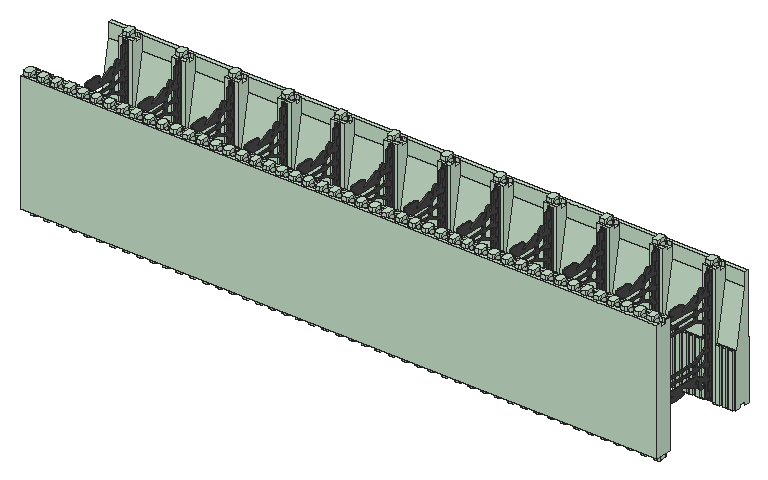
Revit family (continued)
Cuts and joins
  Extrusion 50, Extrusion 51, Extrusion 52, Extrusion 53, Extrusion 54, Extrusion 55, Extrusion 56, Extrusion 57, Extrusion 58, Extrusion 59, Extrusion 60, Extrusion 61, Extrusion 110, Extrusion 111, Extrusion 112, Extrusion 113, Extrusion 114, Extrusion 115, Extrusion 116, Extrusion 117, Extrusion 118, Extrusion 119, Extrusion 120, Extrusion 121, Extrusion 122, Extrusion 123, Extrusion 124, Extrusion 125, Extrusion 126, Extrusion 127, Extrusion 128, Extrusion 129, Extrusion 130, Extrusion 131, Extrusion 132, Extrusion 133, Extrusion 134, Extrusion 135, Extrusion 136, Extrusion 137, Extrusion 138, Extrusion 139, Extrusion 140, Extrusion 141, Extrusion 142, Extrusion 143, Extrusion 144, Extrusion 145, Extrusion 146, Extrusion 147, Extrusion 148, Extrusion 149, Extrusion 150, Extrusion 151, Extrusion 152, Extrusion 153, Extrusion 154, Extrusion 155, Extrusion 156, Extrusion 157 cuts Extrusion 158
  Extrusion 61 cuts Extrusion 159
  Extrusion 60 cuts Extrusion 160
  Extrusion 59 cuts Extrusion 161
  Extrusion 58 cuts Extrusion 162
  Extrusion 57 cuts Extrusion 163
  Extrusion 56 cuts Extrusion 164
  Extrusion 55 cuts Extrusion 165
  Extrusion 54 cuts Extrusion 166
  Extrusion 53 cuts Extrusion 167
  Extrusion 53 cuts Extrusion 168
  Extrusion 52 cuts Extrusion 169
  Extrusion 51 cuts Extrusion 170
  Extrusion 50 cuts Extrusion 171
  joined: Extrusion 158, Extrusion 159, Extrusion 160, Extrusion 161, Extrusion 162, Extrusion 163, Extrusion 164, Extrusion 165, Extrusion 166, Extrusion 167, Extrusion 168, Extrusion 169, Extrusion 170, Extrusion 171
Lines and regions (mm)
  model lines
    curve 1: line (203.2, -295.26, 457.2) -> (203.2, -295.26, 0)
    curve 2: line (2235.2, 142.89, 457.2) -> (2235.2, 142.89, 0)
    curve 3: line (1625.6, 142.89, 457.2) -> (1625.6, 142.89, 0)
    curve 4: line (1016, 142.89, 457.2) -> (1016, 142.89, 0)
    curve 5: line (406.4, 142.89, 457.2) -> (406.4, 142.89, 0)
Dimensions and locks
  aligned and locked: level to plane 2
  aligned and locked: level to Extrusion 1
Nested families
  nested 1: "NUDURA Diamond Pattern" at (0, -152.385, 0), type "NUDURA Diamond Pattern"
  nested 2: "NUDURA Diamond Pattern" at (406.4, -152.385, 0), type "NUDURA Diamond Pattern"
  nested 3: "NUDURA Diamond Pattern" at (609.6, -152.385, 0), type "NUDURA Diamond Pattern"
  nested 4: "NUDURA Diamond Pattern" at (1016, -152.385, 0), type "NUDURA Diamond Pattern"
  nested 5: "NUDURA Diamond Pattern" at (1219.2, -152.385, 0), type "NUDURA Diamond Pattern"
  nested 6: "NUDURA Diamond Pattern" at (1625.6, -152.385, 0), type "NUDURA Diamond Pattern"
  nested 7: "NUDURA Diamond Pattern" at (1828.8, -152.385, 0), type "NUDURA Diamond Pattern"
  nested 8: "NUDURA Diamond Pattern" at (2235.2, -152.385, 0), type "NUDURA Diamond Pattern"
  nested 9: "NUDURA Diamond Pattern" at (0, 0.015, 0), type "NUDURA Diamond Pattern"
  nested 10: "NUDURA Diamond Pattern" at (406.4, 0.015, 0), type "NUDURA Diamond Pattern"
  nested 11: "NUDURA Diamond Pattern" at (609.6, 0.015, 0), type "NUDURA Diamond Pattern"
  nested 12: "NUDURA Diamond Pattern" at (1016, 0.015, 0), type "NUDURA Diamond Pattern"
  nested 13: "NUDURA Diamond Pattern" at (1219.2, 0.015, 0), type "NUDURA Diamond Pattern"
  nested 14: "NUDURA Diamond Pattern" at (1625.6, 0.015, 0), type "NUDURA Diamond Pattern"
  nested 15: "NUDURA Diamond Pattern" at (1828.8, 0.015, 0), type "NUDURA Diamond Pattern"
  nested 16: "NUDURA Diamond Pattern" at (2235.2, 0.015, 0), type "NUDURA Diamond Pattern"
  nested 17: "Interlock Tooth" at (0, -152.385, 0), type "Interlock Tooth"
  nested 18: "Interlock Tooth" at (50.8, -152.385, 0), type "Interlock Tooth"
  nested 19: "Interlock Tooth" at (101.6, -152.385, 0), type "Interlock Tooth"
  nested 20: "Interlock Tooth" at (152.4, -152.385, 0), type "Interlock Tooth"
  nested 21: "Interlock Tooth" at (203.2, -152.385, 0), type "Interlock Tooth"
  nested 22: "Interlock Tooth" at (254, -152.385, 0), type "Interlock Tooth"
  nested 23: "Interlock Tooth" at (304.8, -152.385, 0), type "Interlock Tooth"
  nested 24: "Interlock Tooth" at (355.6, -152.385, 0), type "Interlock Tooth"
  nested 25: "Interlock Tooth" at (406.4, -152.385, 0), type "Interlock Tooth"
  nested 26: "Interlock Tooth" at (457.2, -152.385, 0), type "Interlock Tooth"
  nested 27: "Interlock Tooth" at (508, -152.385, 0), type "Interlock Tooth"
  nested 28: "Interlock Tooth" at (558.8, -152.385, 0), type "Interlock Tooth"
  nested 29: "Interlock Tooth" at (609.6, -152.385, 0), type "Interlock Tooth"
  nested 30: "Interlock Tooth" at (660.4, -152.385, 0), type "Interlock Tooth"
  nested 31: "Interlock Tooth" at (711.2, -152.385, 0), type "Interlock Tooth"
  nested 32: "Interlock Tooth" at (762, -152.385, 0), type "Interlock Tooth"
  nested 33: "Interlock Tooth" at (812.8, -152.385, 0), type "Interlock Tooth"
  nested 34: "Interlock Tooth" at (863.6, -152.385, 0), type "Interlock Tooth"
  nested 35: "Interlock Tooth" at (914.4, -152.385, 0), type "Interlock Tooth"
  nested 36: "Interlock Tooth" at (965.2, -152.385, 0), type "Interlock Tooth"
  nested 37: "Interlock Tooth" at (1016, -152.385, 0), type "Interlock Tooth"
  nested 38: "Interlock Tooth" at (1066.8, -152.385, 0), type "Interlock Tooth"
  nested 39: "Interlock Tooth" at (1117.6, -152.385, 0), type "Interlock Tooth"
  nested 40: "Interlock Tooth" at (1168.4, -152.385, 0), type "Interlock Tooth"
  nested 41: "Interlock Tooth" at (1219.2, -152.385, 0), type "Interlock Tooth"
  nested 42: "Interlock Tooth" at (1270, -152.385, 0), type "Interlock Tooth"
  nested 43: "Interlock Tooth" at (1320.8, -152.385, 0), type "Interlock Tooth"
  nested 44: "Interlock Tooth" at (1371.6, -152.385, 0), type "Interlock Tooth"
  nested 45: "Interlock Tooth" at (1422.4, -152.385, 0), type "Interlock Tooth"
  nested 46: "Interlock Tooth" at (1473.2, -152.385, 0), type "Interlock Tooth"
  nested 47: "Interlock Tooth" at (1524, -152.385, 0), type "Interlock Tooth"
  nested 48: "Interlock Tooth" at (1574.8, -152.385, 0), type "Interlock Tooth"
  nested 49: "Interlock Tooth" at (1625.6, -152.385, 0), type "Interlock Tooth"
  nested 50: "Interlock Tooth" at (1676.4, -152.385, 0), type "Interlock Tooth"
  nested 51: "Interlock Tooth" at (1727.2, -152.385, 0), type "Interlock Tooth"
  nested 52: "Interlock Tooth" at (1778, -152.385, 0), type "Interlock Tooth"
  nested 53: "Interlock Tooth" at (1828.8, -152.385, 0), type "Interlock Tooth"
  nested 54: "Interlock Tooth" at (1879.6, -152.385, 0), type "Interlock Tooth"
  nested 55: "Interlock Tooth" at (1930.4, -152.385, 0), type "Interlock Tooth"
  nested 56: "Interlock Tooth" at (1981.2, -152.385, 0), type "Interlock Tooth"
  nested 57: "Interlock Tooth" at (2032, -152.385, 0), type "Interlock Tooth"
  nested 58: "Interlock Tooth" at (2082.8, -152.385, 0), type "Interlock Tooth"
  nested 59: "Interlock Tooth" at (2133.6, -152.385, 0), type "Interlock Tooth"
  nested 60: "Interlock Tooth" at (2184.4, -152.385, 0), type "Interlock Tooth"
  nested 61: "Interlock Tooth" at (2235.2, -152.385, 0), type "Interlock Tooth"
  nested 62: "Interlock Tooth" at (2286, -152.385, 0), type "Interlock Tooth"
  nested 63: "Interlock Tooth" at (2336.8, -152.385, 0), type "Interlock Tooth"
  nested 64: "Interlock Tooth" at (2387.6, -152.385, 0), type "Interlock Tooth"
  nested 65: "Interlock Tooth" at (76.2, 225.44, 0), type "Interlock Tooth"
  nested 66: "Interlock Tooth" at (279.4, 225.44, 0), type "Interlock Tooth"
  nested 67: "Interlock Tooth" at (482.6, 225.44, 0), type "Interlock Tooth"
  nested 68: "Interlock Tooth" at (685.8, 225.44, 0), type "Interlock Tooth"
  nested 69: "Interlock Tooth" at (889, 225.44, 0), type "Interlock Tooth"
  nested 70: "Interlock Tooth" at (1092.2, 225.44, 0), type "Interlock Tooth"
  nested 71: "Interlock Tooth" at (1295.4, 225.44, 0), type "Interlock Tooth"
  nested 72: "Interlock Tooth" at (1498.6, 225.44, 0), type "Interlock Tooth"
  nested 73: "Interlock Tooth" at (1701.8, 225.44, 0), type "Interlock Tooth"
  nested 74: "Interlock Tooth" at (1905, 225.44, 0), type "Interlock Tooth"
  nested 75: "Interlock Tooth" at (2108.2, 225.44, 0), type "Interlock Tooth"
  nested 76: "Interlock Tooth" at (2311.4, 225.44, 0), type "Interlock Tooth"
  nested 77: "Interlock Tooth" at (25.4, -377.81, -469.9), type "Interlock Tooth"
  nested 78: "Interlock Tooth" at (76.2, -377.81, -469.9), type "Interlock Tooth"
  nested 79: "Interlock Tooth" at (127, -377.81, -469.9), type "Interlock Tooth"
  nested 80: "Interlock Tooth" at (177.8, -377.81, -469.9), type "Interlock Tooth"
  nested 81: "Interlock Tooth" at (228.6, -377.81, -469.9), type "Interlock Tooth"
  nested 82: "Interlock Tooth" at (279.4, -377.81, -469.9), type "Interlock Tooth"
  nested 83: "Interlock Tooth" at (330.2, -377.81, -469.9), type "Interlock Tooth"
  nested 84: "Interlock Tooth" at (381, -377.81, -469.9), type "Interlock Tooth"
  nested 85: "Interlock Tooth" at (431.8, -377.81, -469.9), type "Interlock Tooth"
  nested 86: "Interlock Tooth" at (482.6, -377.81, -469.9), type "Interlock Tooth"
  nested 87: "Interlock Tooth" at (533.4, -377.81, -469.9), type "Interlock Tooth"
  nested 88: "Interlock Tooth" at (584.2, -377.81, -469.9), type "Interlock Tooth"
  nested 89: "Interlock Tooth" at (635, -377.81, -469.9), type "Interlock Tooth"
  nested 90: "Interlock Tooth" at (685.8, -377.81, -469.9), type "Interlock Tooth"
  nested 91: "Interlock Tooth" at (736.6, -377.81, -469.9), type "Interlock Tooth"
  nested 92: "Interlock Tooth" at (787.4, -377.81, -469.9), type "Interlock Tooth"
  nested 93: "Interlock Tooth" at (838.2, -377.81, -469.9), type "Interlock Tooth"
  nested 94: "Interlock Tooth" at (889, -377.81, -469.9), type "Interlock Tooth"
  nested 95: "Interlock Tooth" at (939.8, -377.81, -469.9), type "Interlock Tooth"
  nested 96: "Interlock Tooth" at (990.6, -377.81, -469.9), type "Interlock Tooth"
  nested 97: "Interlock Tooth" at (1041.4, -377.81, -469.9), type "Interlock Tooth"
  nested 98: "Interlock Tooth" at (1092.2, -377.81, -469.9), type "Interlock Tooth"
  nested 99: "Interlock Tooth" at (1143, -377.81, -469.9), type "Interlock Tooth"
  nested 100: "Interlock Tooth" at (1193.8, -377.81, -469.9), type "Interlock Tooth"
  nested 101: "Interlock Tooth" at (1244.6, -377.81, -469.9), type "Interlock Tooth"
  nested 102: "Interlock Tooth" at (1295.4, -377.81, -469.9), type "Interlock Tooth"
  nested 103: "Interlock Tooth" at (1346.2, -377.81, -469.9), type "Interlock Tooth"
  nested 104: "Interlock Tooth" at (1397, -377.81, -469.9), type "Interlock Tooth"
  nested 105: "Interlock Tooth" at (1447.8, -377.81, -469.9), type "Interlock Tooth"
  nested 106: "Interlock Tooth" at (1498.6, -377.81, -469.9), type "Interlock Tooth"
  nested 107: "Interlock Tooth" at (1549.4, -377.81, -469.9), type "Interlock Tooth"
  nested 108: "Interlock Tooth" at (1600.2, -377.81, -469.9), type "Interlock Tooth"
  nested 109: "Interlock Tooth" at (1651, -377.81, -469.9), type "Interlock Tooth"
  nested 110: "Interlock Tooth" at (1701.8, -377.81, -469.9), type "Interlock Tooth"
  nested 111: "Interlock Tooth" at (1752.6, -377.81, -469.9), type "Interlock Tooth"
  nested 112: "Interlock Tooth" at (1803.4, -377.81, -469.9), type "Interlock Tooth"
  nested 113: "Interlock Tooth" at (1854.2, -377.81, -469.9), type "Interlock Tooth"
  nested 114: "Interlock Tooth" at (1905, -377.81, -469.9), type "Interlock Tooth"
  nested 115: "Interlock Tooth" at (1955.8, -377.81, -469.9), type "Interlock Tooth"
  nested 116: "Interlock Tooth" at (2006.6, -377.81, -469.9), type "Interlock Tooth"
  nested 117: "Interlock Tooth" at (2057.4, -377.81, -469.9), type "Interlock Tooth"
  nested 118: "Interlock Tooth" at (2108.2, -377.81, -469.9), type "Interlock Tooth"
  nested 119: "Interlock Tooth" at (2159, -377.81, -469.9), type "Interlock Tooth"
  nested 120: "Interlock Tooth" at (2209.8, -377.81, -469.9), type "Interlock Tooth"
  nested 121: "Interlock Tooth" at (2260.6, -377.81, -469.9), type "Interlock Tooth"
  nested 122: "Interlock Tooth" at (2311.4, -377.81, -469.9), type "Interlock Tooth"
  nested 123: "Interlock Tooth" at (2362.2, -377.81, -469.9), type "Interlock Tooth"
  nested 124: "Interlock Tooth" at (2413, -377.81, -469.9), type "Interlock Tooth"
  nested 125: "Interlock Tooth" at (0, 0.015, -469.9), type "Interlock Tooth"
  nested 126: "Interlock Tooth" at (50.8, 0.015, -469.9), type "Interlock Tooth"
  nested 127: "Interlock Tooth" at (101.6, 0.015, -469.9), type "Interlock Tooth"
  nested 128: "Interlock Tooth" at (152.4, 0.015, -469.9), type "Interlock Tooth"
  nested 129: "Interlock Tooth" at (203.2, 0.015, -469.9), type "Interlock Tooth"
  nested 130: "Interlock Tooth" at (254, 0.015, -469.9), type "Interlock Tooth"
  nested 131: "Interlock Tooth" at (304.8, 0.015, -469.9), type "Interlock Tooth"
  nested 132: "Interlock Tooth" at (355.6, 0.015, -469.9), type "Interlock Tooth"
  nested 133: "Interlock Tooth" at (406.4, 0.015, -469.9), type "Interlock Tooth"
  nested 134: "Interlock Tooth" at (457.2, 0.015, -469.9), type "Interlock Tooth"
  nested 135: "Interlock Tooth" at (508, 0.015, -469.9), type "Interlock Tooth"
  nested 136: "Interlock Tooth" at (558.8, 0.015, -469.9), type "Interlock Tooth"
  nested 137: "Interlock Tooth" at (609.6, 0.015, -469.9), type "Interlock Tooth"
  nested 138: "Interlock Tooth" at (660.4, 0.015, -469.9), type "Interlock Tooth"
  nested 139: "Interlock Tooth" at (711.2, 0.015, -469.9), type "Interlock Tooth"
  nested 140: "Interlock Tooth" at (762, 0.015, -469.9), type "Interlock Tooth"
  nested 141: "Interlock Tooth" at (812.8, 0.015, -469.9), type "Interlock Tooth"
  nested 142: "Interlock Tooth" at (863.6, 0.015, -469.9), type "Interlock Tooth"
  nested 143: "Interlock Tooth" at (914.4, 0.015, -469.9), type "Interlock Tooth"
  nested 144: "Interlock Tooth" at (965.2, 0.015, -469.9), type "Interlock Tooth"
  nested 145: "Interlock Tooth" at (1016, 0.015, -469.9), type "Interlock Tooth"
  nested 146: "Interlock Tooth" at (1066.8, 0.015, -469.9), type "Interlock Tooth"
  nested 147: "Interlock Tooth" at (1117.6, 0.015, -469.9), type "Interlock Tooth"
  nested 148: "Interlock Tooth" at (1168.4, 0.015, -469.9), type "Interlock Tooth"
  nested 149: "Interlock Tooth" at (1219.2, 0.015, -469.9), type "Interlock Tooth"
  nested 150: "Interlock Tooth" at (1270, 0.015, -469.9), type "Interlock Tooth"
  nested 151: "Interlock Tooth" at (1320.8, 0.015, -469.9), type "Interlock Tooth"
  nested 152: "Interlock Tooth" at (1371.6, 0.015, -469.9), type "Interlock Tooth"
  nested 153: "Interlock Tooth" at (1422.4, 0.015, -469.9), type "Interlock Tooth"
  nested 154: "Interlock Tooth" at (1473.2, 0.015, -469.9), type "Interlock Tooth"
  nested 155: "Interlock Tooth" at (1524, 0.015, -469.9), type "Interlock Tooth"
  nested 156: "Interlock Tooth" at (1574.8, 0.015, -469.9), type "Interlock Tooth"
  nested 157: "Interlock Tooth" at (1625.6, 0.015, -469.9), type "Interlock Tooth"
  nested 158: "Interlock Tooth" at (1676.4, 0.015, -469.9), type "Interlock Tooth"
  nested 159: "Interlock Tooth" at (1727.2, 0.015, -469.9), type "Interlock Tooth"
  nested 160: "Interlock Tooth" at (1778, 0.015, -469.9), type "Interlock Tooth"
  nested 161: "Interlock Tooth" at (1828.8, 0.015, -469.9), type "Interlock Tooth"
  nested 162: "Interlock Tooth" at (1879.6, 0.015, -469.9), type "Interlock Tooth"
  nested 163: "Interlock Tooth" at (1930.4, 0.015, -469.9), type "Interlock Tooth"
  nested 164: "Interlock Tooth" at (1981.2, 0.015, -469.9), type "Interlock Tooth"
  nested 165: "Interlock Tooth" at (2032, 0.015, -469.9), type "Interlock Tooth"
  nested 166: "Interlock Tooth" at (2082.8, 0.015, -469.9), type "Interlock Tooth"
  nested 167: "Interlock Tooth" at (2133.6, 0.015, -469.9), type "Interlock Tooth"
  nested 168: "Interlock Tooth" at (2184.4, 0.015, -469.9), type "Interlock Tooth"
  nested 169: "Interlock Tooth" at (2235.2, 0.015, -469.9), type "Interlock Tooth"
  nested 170: "Interlock Tooth" at (2286, 0.015, -469.9), type "Interlock Tooth"
  nested 171: "Interlock Tooth" at (2336.8, 0.015, -469.9), type "Interlock Tooth"
  nested 172: "Interlock Tooth" at (2387.6, 0.015, -469.9), type "Interlock Tooth"
  nested 173: "NUDURA Logo Diamond" at (0, -295.26, 0), type "NUDURA Logo Diamond"
  nested 174: "NUDURA Logo Diamond" at (609.6, -295.26, 0), type "NUDURA Logo Diamond"
  nested 175: "NUDURA Logo Diamond" at (1219.2, -295.26, 0), type "NUDURA Logo Diamond"
  nested 176: "NUDURA Logo Diamond" at (1828.8, -295.26, 0), type "NUDURA Logo Diamond"
  nested 177: "NUDURA Logo Diamond" at (2438.335, 142.89, 0) x (-1, 0, 0) z (0, 0, 1), type "NUDURA Logo Diamond"
  nested 178: "NUDURA Logo Diamond" at (1828.735, 142.89, 0) x (-1, 0, 0) z (0, 0, 1), type "NUDURA Logo Diamond"
  nested 179: "NUDURA Logo Diamond" at (1219.135, 142.89, 0) x (-1, 0, 0) z (0, 0, 1), type "NUDURA Logo Diamond"
  nested 180: "NUDURA Logo Diamond" at (609.535, 142.89, 0) x (-1, 0, 0) z (0, 0, 1), type "NUDURA Logo Diamond"
  nested 181: "12-inch Insert Web" at (101.6, -76.185, 0), type "12-inch Insert Web"
  nested 182: "12-inch Insert Web" at (304.8, -76.185, 0), type "12-inch Insert Web"
  nested 183: "12-inch Insert Web" at (508, -76.185, 0), type "12-inch Insert Web"
  nested 184: "12-inch Insert Web" at (711.2, -76.185, 0), type "12-inch Insert Web"
  nested 185: "12-inch Insert Web" at (1117.6, -76.185, 0), type "12-inch Insert Web"
  nested 186: "12-inch Insert Web" at (1320.8, -76.185, 0), type "12-inch Insert Web"
  nested 187: "12-inch Insert Web" at (914.4, -76.185, 0), type "12-inch Insert Web"
  nested 188: "12-inch Insert Web" at (1524, -76.185, 0), type "12-inch Insert Web"
  nested 189: "12-inch Insert Web" at (1727.2, -76.185, 0), type "12-inch Insert Web"
  nested 190: "12-inch Insert Web" at (1930.4, -76.185, 0), type "12-inch Insert Web"
  nested 191: "12-inch Insert Web" at (2133.6, -76.185, 0), type "12-inch Insert Web"
  nested 192: "12-inch Insert Web" at (2336.8, -76.185, 0), type "12-inch Insert Web"
Definition of nested family "Interlock Tooth"
  Reference planes
    plane 1 "Center (Front/Back)": y = 0
    plane 2: z = 0
    plane 3 "Center (Left/Right)": x = 0
    plane 4: z = 457.2
    plane 5: z = 469.9
    plane 6: z = -12.7
  Forms (mm)
    Extrusion 1, solid, material "NUDURA Expanded Polystyrene Foam Insulation"
      sketch origin (0, -225.425, 0) x (1, 0, 0) y (0, 1, 0)
        loop
          arc (0, 101.014) -> (1.215, 97.278) -> (4.396, 94.972) r 6.35
          arc (4.396, 94.972) -> (12.7, 93.663) -> (21.004, 94.972) r 26.988
          arc (21.004, 94.972) -> (24.185, 97.278) -> (25.4, 101.014) r 6.35
          line (25.4, 101.014) -> (25.4, 124.411)
          arc (25.4, 124.411) -> (24.185, 128.147) -> (21.004, 130.453) r 6.35
          arc (21.004, 130.453) -> (12.7, 131.763) -> (4.396, 130.453) r 26.987
          arc (4.396, 130.453) -> (1.215, 128.147) -> (0, 124.411) r 6.35
          line (0, 124.411) -> (0, 101.014)
      from 457.2 to 469.9
  Dimensions and locks
    locked: plane 4 to level at 457.2
    locked: plane 4 to plane 5 at 12.7
    locked: plane 6 to level at 12.7
Definition of nested family "12-inch Insert Web"
  Reference planes
    plane 1 "Center (Front/Back)": y = 0
    plane 2: z = 0
    plane 3 "Center (Left/Right)": x = 0
  Forms (mm)
    Extrusion 1, solid, material "High Density Polystyrene"
      sketch origin (0, 0, 0) x (0, 1, 0) y (0, 0, 1)
        loop
          line (158.75, 0) -> (158.75, 450.744)
          arc (158.75, 450.744) -> (158.017, 450.243) -> (157.734, 449.4) r 1.397
          line (157.734, 449.4) -> (157.734, 1.344)
          arc (157.734, 1.344) -> (158.017, 0.502) -> (158.75, 0) r 1.397
        loop
          arc (-158.75, 0) -> (-158.017, 0.502) -> (-157.734, 1.344) r 1.397
          line (-157.734, 1.344) -> (-157.734, 449.4)
          arc (-157.734, 449.4) -> (-158.017, 450.243) -> (-158.75, 450.744) r 1.397
          line (-158.75, 450.744) -> (-158.75, 0)
      from 9.227 to -9.227
    Extrusion 2, solid, material "High Density Polystyrene"
      sketch origin (0, 0, 0) x (0, 1, 0) y (0, 0, 1)
        loop
          arc (157.198, 442.16) -> (157.575, 442.021) -> (157.734, 441.652) r 0.508
          line (157.734, 441.652) -> (157.734, 447.972)
          arc (157.734, 447.972) -> (157.629, 447.585) -> (157.342, 447.306) r 0.762
          line (157.342, 447.306) -> (155.586, 446.33)
          arc (155.586, 446.33) -> (155.299, 446.05) -> (155.194, 445.664) r 0.762
          line (155.194, 445.664) -> (155.194, 442.585)
          arc (155.194, 442.585) -> (155.353, 442.216) -> (155.73, 442.078) r 0.508
          line (155.73, 442.078) -> (157.198, 442.16)
        loop
          line (-155.586, 446.33) -> (-157.342, 447.306)
          arc (-157.342, 447.306) -> (-157.629, 447.585) -> (-157.734, 447.972) r 0.762
          line (-157.734, 447.972) -> (-157.734, 441.652)
          arc (-157.734, 441.652) -> (-157.575, 442.021) -> (-157.198, 442.16) r 0.508
          line (-157.198, 442.16) -> (-155.73, 442.078)
          arc (-155.73, 442.078) -> (-155.353, 442.216) -> (-155.194, 442.585) r 0.508
          line (-155.194, 442.585) -> (-155.194, 445.664)
          arc (-155.194, 445.664) -> (-155.299, 446.05) -> (-155.586, 446.33) r 0.762
        loop
          line (157.198, 8.585) -> (155.73, 8.666)
          arc (155.73, 8.666) -> (155.353, 8.528) -> (155.194, 8.159) r 0.508
          line (155.194, 8.159) -> (155.194, 5.08)
          arc (155.194, 5.08) -> (155.299, 4.694) -> (155.586, 4.414) r 0.762
          line (155.586, 4.414) -> (157.342, 3.439)
          arc (157.342, 3.439) -> (157.629, 3.159) -> (157.734, 2.772) r 0.762
          line (157.734, 2.772) -> (157.734, 9.092)
          arc (157.734, 9.092) -> (157.575, 8.723) -> (157.198, 8.585) r 0.508
        loop
          arc (-155.586, 4.414) -> (-155.299, 4.694) -> (-155.194, 5.08) r 0.762
          line (-155.194, 5.08) -> (-155.194, 8.159)
          arc (-155.194, 8.159) -> (-155.353, 8.528) -> (-155.73, 8.666) r 0.508
          line (-155.73, 8.666) -> (-157.198, 8.585)
          arc (-157.198, 8.585) -> (-157.575, 8.723) -> (-157.734, 9.092) r 0.508
          line (-157.734, 9.092) -> (-157.734, 2.772)
          arc (-157.734, 2.772) -> (-157.629, 3.159) -> (-157.342, 3.439) r 0.762
          line (-157.342, 3.439) -> (-155.586, 4.414)
        loop
          line (152.4, 437.076) -> (150.495, 442.918)
          arc (150.495, 442.918) -> (149.225, 443.68) -> (147.955, 442.918) r 1.439
          line (147.955, 442.918) -> (146.713, 439.108) -> (143.483, 439.108)
          arc (143.483, 439.108) -> (142.604, 438.744) -> (142.24, 437.865) r 1.243
          line (142.24, 437.865) -> (142.24, 437.076) -> (139.7, 437.076) -> (139.7, 400.201)
          arc (139.7, 400.201) -> (137.944, 393.421) -> (133.118, 388.345) r 13.97
          arc (133.118, 388.345) -> (131.885, 386.915) -> (131.681, 385.039) r 3.175
          arc (131.681, 385.039) -> (120.376, 376.743) -> (121.202, 390.741) r 7.747
          arc (121.202, 390.741) -> (124.314, 398.005) -> (117.05, 401.117) r 5.588
          arc (117.05, 401.117) -> (108.059, 393.619) -> (105.199, 382.266) r 18.923
          arc (105.199, 382.266) -> (104.091, 371.727) -> (100.821, 361.646) r 50.8
          arc (100.821, 361.646) -> (88.144, 361.552) -> (92.35, 373.51) r 7.747
          arc (92.35, 373.51) -> (96.234, 381.929) -> (87.311, 384.447) r 6.096
          line (87.311, 384.447) -> (33.279, 359.063)
          arc (33.279, 359.063) -> (22.267, 362.762) -> (27.306, 373.229) r 7.747
          arc (27.306, 373.229) -> (31.748, 378.927) -> (27.631, 384.864) r 6.096
          arc (27.631, 384.864) -> (19.507, 386.918) -> (11.157, 387.609) r 50.8
          line (11.157, 387.609) -> (0, 387.609) -> (-11.157, 387.609)
          arc (-11.157, 387.609) -> (-19.507, 386.918) -> (-27.631, 384.864) r 50.8
          arc (-27.631, 384.864) -> (-31.748, 378.927) -> (-27.306, 373.229) r 6.096
          arc (-27.306, 373.229) -> (-22.267, 362.762) -> (-33.279, 359.063) r 7.747
          line (-33.279, 359.063) -> (-87.311, 384.447)
          arc (-87.311, 384.447) -> (-96.234, 381.929) -> (-92.35, 373.51) r 6.096
          arc (-92.35, 373.51) -> (-88.144, 361.552) -> (-100.821, 361.646) r 7.747
          arc (-100.821, 361.646) -> (-104.091, 371.727) -> (-105.199, 382.266) r 50.8
          arc (-105.199, 382.266) -> (-108.059, 393.619) -> (-117.05, 401.117) r 18.923
          arc (-117.05, 401.117) -> (-124.314, 398.005) -> (-121.202, 390.741) r 5.588
          arc (-121.202, 390.741) -> (-120.376, 376.743) -> (-131.681, 385.039) r 7.747
          arc (-131.681, 385.039) -> (-131.885, 386.915) -> (-133.118, 388.345) r 3.175
          arc (-133.118, 388.345) -> (-137.944, 393.421) -> (-139.7, 400.201) r 13.97
          line (-139.7, 400.201) -> (-139.7, 437.076) -> (-142.24, 437.076) -> (-142.24, 437.865)
          arc (-142.24, 437.865) -> (-142.604, 438.744) -> (-143.483, 439.108) r 1.243
          line (-143.483, 439.108) -> (-146.713, 439.108) -> (-147.955, 442.918)
          arc (-147.955, 442.918) -> (-149.225, 443.68) -> (-150.495, 442.918) r 1.439
          line (-150.495, 442.918) -> (-152.4, 437.076) -> (-152.4, 16.896) -> (-150.495, 11.054)
          arc (-150.495, 11.054) -> (-149.225, 10.292) -> (-147.955, 11.054) r 1.439
          line (-147.955, 11.054) -> (-146.713, 14.864) -> (-143.483, 14.864)
          arc (-143.483, 14.864) -> (-142.604, 15.228) -> (-142.24, 16.107) r 1.243
          line (-142.24, 16.107) -> (-142.24, 16.896) -> (-139.7, 16.896) -> (-139.7, 56.999)
          arc (-139.7, 56.999) -> (-137.944, 63.779) -> (-133.118, 68.855) r 13.97
          arc (-133.118, 68.855) -> (-131.885, 70.285) -> (-131.681, 72.161) r 3.175
          arc (-131.681, 72.161) -> (-120.376, 80.457) -> (-121.202, 66.459) r 7.747
          arc (-121.202, 66.459) -> (-124.314, 59.195) -> (-117.05, 56.083) r 5.588
          arc (-117.05, 56.083) -> (-108.059, 63.581) -> (-105.199, 74.934) r 18.923
          arc (-105.199, 74.934) -> (-104.091, 85.473) -> (-100.821, 95.554) r 50.8
          arc (-100.821, 95.554) -> (-88.144, 95.648) -> (-92.35, 83.69) r 7.747
          arc (-92.35, 83.69) -> (-96.234, 75.271) -> (-87.311, 72.753) r 6.096
          line (-87.311, 72.753) -> (-33.279, 98.137)
          arc (-33.279, 98.137) -> (-22.267, 94.438) -> (-27.306, 83.971) r 7.747
          arc (-27.306, 83.971) -> (-31.748, 78.273) -> (-27.631, 72.336) r 6.096
          arc (-27.631, 72.336) -> (-19.507, 70.282) -> (-11.157, 69.591) r 50.8
          line (-11.157, 69.591) -> (0, 69.591) -> (11.157, 69.591)
          arc (11.157, 69.591) -> (19.507, 70.282) -> (27.631, 72.336) r 50.8
          arc (27.631, 72.336) -> (31.748, 78.273) -> (27.306, 83.971) r 6.096
          arc (27.306, 83.971) -> (22.267, 94.438) -> (33.279, 98.137) r 7.747
          line (33.279, 98.137) -> (87.311, 72.753)
          arc (87.311, 72.753) -> (96.234, 75.271) -> (92.35, 83.69) r 6.096
          arc (92.35, 83.69) -> (88.144, 95.648) -> (100.821, 95.554) r 7.747
          arc (100.821, 95.554) -> (104.091, 85.473) -> (105.199, 74.934) r 50.8
          arc (105.199, 74.934) -> (108.059, 63.581) -> (117.05, 56.083) r 18.923
          arc (117.05, 56.083) -> (124.314, 59.195) -> (121.202, 66.459) r 5.588
          arc (121.202, 66.459) -> (120.376, 80.457) -> (131.681, 72.161) r 7.747
          arc (131.681, 72.161) -> (131.885, 70.285) -> (133.118, 68.855) r 3.175
          arc (133.118, 68.855) -> (137.944, 63.779) -> (139.7, 56.999) r 13.97
          line (139.7, 56.999) -> (139.7, 16.896) -> (142.24, 16.896) -> (142.24, 16.107)
          arc (142.24, 16.107) -> (142.604, 15.228) -> (143.483, 14.864) r 1.243
          line (143.483, 14.864) -> (146.713, 14.864) -> (147.955, 11.054)
          arc (147.955, 11.054) -> (149.225, 10.292) -> (150.495, 11.054) r 1.439
          line (150.495, 11.054) -> (152.4, 16.896) -> (152.4, 437.076)
        loop
          arc (76.789, 109.017) -> (80.328, 108.908) -> (83.853, 108.579) r 57.15
          arc (83.853, 108.579) -> (88.43, 112.104) -> (91.44, 117.034) r 15.855
          line (91.44, 117.034) -> (91.44, 120.234)
          arc (91.44, 120.234) -> (87.76, 126.064) -> (81.935, 129.752) r 15.684
          line (81.935, 129.752) -> (0, 129.752) -> (-81.935, 129.752)
          arc (-81.935, 129.752) -> (-87.76, 126.064) -> (-91.44, 120.234) r 15.684
          line (-91.44, 120.234) -> (-91.44, 117.034)
          arc (-91.44, 117.034) -> (-88.43, 112.104) -> (-83.853, 108.579) r 15.855
          arc (-83.853, 108.579) -> (-80.328, 108.908) -> (-76.789, 109.017) r 57.15
          line (-76.789, 109.017) -> (0, 109.017) -> (76.789, 109.017)
        loop
          line (103.837, 102.318) -> (126.138, 91.881)
          arc (126.138, 91.881) -> (135.287, 92.471) -> (139.7, 100.508) r 9.525
          line (139.7, 100.508) -> (139.7, 113.887)
          arc (139.7, 113.887) -> (135.05, 125.112) -> (123.825, 129.762) r 15.875
          line (123.825, 129.762) -> (109.22, 129.762)
          arc (109.22, 129.762) -> (100.24, 126.042) -> (96.52, 117.062) r 12.7
          line (96.52, 117.062) -> (96.52, 113.82)
          arc (96.52, 113.82) -> (98.504, 107.004) -> (103.837, 102.318) r 12.7
        loop
          line (139.7, 150.209) -> (139.7, 163.588)
          arc (139.7, 163.588) -> (135.287, 171.625) -> (126.138, 172.215) r 9.525
          line (126.138, 172.215) -> (103.837, 161.778)
          arc (103.837, 161.778) -> (98.504, 157.092) -> (96.52, 150.275) r 12.7
          line (96.52, 150.275) -> (96.52, 147.034)
          arc (96.52, 147.034) -> (100.24, 138.054) -> (109.22, 134.334) r 12.7
          line (109.22, 134.334) -> (123.825, 134.334)
          arc (123.825, 134.334) -> (135.05, 138.984) -> (139.7, 150.209) r 15.875
        loop
          arc (83.851, 155.504) -> (80.337, 155.178) -> (76.81, 155.069) r 57.15
          line (76.81, 155.069) -> (0, 155.069) -> (-76.81, 155.069)
          arc (-76.81, 155.069) -> (-80.337, 155.178) -> (-83.851, 155.504) r 57.15
          arc (-83.851, 155.504) -> (-88.429, 151.979) -> (-91.44, 147.048) r 15.855
          line (-91.44, 147.048) -> (-91.44, 143.849)
          arc (-91.44, 143.849) -> (-87.752, 138.012) -> (-81.915, 134.324) r 15.684
          line (-81.915, 134.324) -> (0, 134.324) -> (81.915, 134.324)
          arc (81.915, 134.324) -> (87.752, 138.012) -> (91.44, 143.849) r 15.684
          line (91.44, 143.849) -> (91.44, 147.048)
          arc (91.44, 147.048) -> (88.429, 151.979) -> (83.851, 155.504) r 15.855
        loop
          arc (-103.837, 102.318) -> (-98.504, 107.004) -> (-96.52, 113.82) r 12.7
          line (-96.52, 113.82) -> (-96.52, 117.062)
          arc (-96.52, 117.062) -> (-100.24, 126.042) -> (-109.22, 129.762) r 12.7
          line (-109.22, 129.762) -> (-123.825, 129.762)
          arc (-123.825, 129.762) -> (-135.05, 125.112) -> (-139.7, 113.887) r 15.875
          line (-139.7, 113.887) -> (-139.7, 100.508)
          arc (-139.7, 100.508) -> (-135.287, 92.471) -> (-126.138, 91.881) r 9.525
          line (-126.138, 91.881) -> (-103.837, 102.318)
        loop
          arc (-139.7, 150.209) -> (-135.05, 138.984) -> (-123.825, 134.334) r 15.875
          line (-123.825, 134.334) -> (-109.22, 134.334)
          arc (-109.22, 134.334) -> (-100.24, 138.054) -> (-96.52, 147.034) r 12.7
          line (-96.52, 147.034) -> (-96.52, 150.275)
          arc (-96.52, 150.275) -> (-98.504, 157.092) -> (-103.837, 161.778) r 12.7
          line (-103.837, 161.778) -> (-126.138, 172.215)
          arc (-126.138, 172.215) -> (-135.287, 171.625) -> (-139.7, 163.588) r 9.525
          line (-139.7, 163.588) -> (-139.7, 150.209)
        loop
          line (139.7, 191.688) -> (139.7, 220.666) -> (136.652, 225.746) -> (136.652, 228.6) -> (136.652, 231.454) -> (139.7, 236.534) -> (139.7, 265.512)
          arc (139.7, 265.512) -> (137.716, 272.328) -> (132.383, 277.014) r 12.7
          line (132.383, 277.014) -> (100.425, 291.971)
          arc (100.425, 291.971) -> (88.608, 295.996) -> (76.2, 297.359) r 57.15
          line (76.2, 297.359) -> (0, 297.359) -> (-76.2, 297.359)
          arc (-76.2, 297.359) -> (-88.608, 295.996) -> (-100.425, 291.971) r 57.15
          line (-100.425, 291.971) -> (-132.383, 277.014)
          arc (-132.383, 277.014) -> (-137.716, 272.328) -> (-139.7, 265.512) r 12.7
          line (-139.7, 265.512) -> (-139.7, 236.534) -> (-136.652, 231.454) -> (-136.652, 228.6) -> (-136.652, 225.746) -> (-139.7, 220.666) -> (-139.7, 191.688)
          arc (-139.7, 191.688) -> (-137.716, 184.872) -> (-132.383, 180.186) r 12.7
          line (-132.383, 180.186) -> (-100.425, 165.229)
          arc (-100.425, 165.229) -> (-88.608, 161.204) -> (-76.2, 159.841) r 57.15
          line (-76.2, 159.841) -> (0, 159.841) -> (76.2, 159.841)
          arc (76.2, 159.841) -> (88.608, 161.204) -> (100.425, 165.229) r 57.15
          line (100.425, 165.229) -> (132.383, 180.186)
          arc (132.383, 180.186) -> (137.716, 184.872) -> (139.7, 191.688) r 12.7
        loop
          line (76.789, 348.183) -> (0, 348.183) -> (-76.789, 348.183)
          arc (-76.789, 348.183) -> (-80.328, 348.292) -> (-83.853, 348.621) r 57.15
          arc (-83.853, 348.621) -> (-88.43, 345.096) -> (-91.44, 340.166) r 15.855
          line (-91.44, 340.166) -> (-91.44, 336.966)
          arc (-91.44, 336.966) -> (-87.76, 331.136) -> (-81.935, 327.448) r 15.684
          line (-81.935, 327.448) -> (0, 327.448) -> (81.935, 327.448)
          arc (81.935, 327.448) -> (87.76, 331.136) -> (91.44, 336.966) r 15.684
          line (91.44, 336.966) -> (91.44, 340.166)
          arc (91.44, 340.166) -> (88.43, 345.096) -> (83.853, 348.621) r 15.855
          arc (83.853, 348.621) -> (80.328, 348.292) -> (76.789, 348.183) r 57.15
        loop
          arc (103.837, 354.882) -> (98.504, 350.196) -> (96.52, 343.38) r 12.7
          line (96.52, 343.38) -> (96.52, 340.138)
          arc (96.52, 340.138) -> (100.24, 331.158) -> (109.22, 327.438) r 12.7
          line (109.22, 327.438) -> (123.825, 327.438)
          arc (123.825, 327.438) -> (135.05, 332.088) -> (139.7, 343.313) r 15.875
          line (139.7, 343.313) -> (139.7, 356.692)
          arc (139.7, 356.692) -> (135.287, 364.729) -> (126.138, 365.319) r 9.525
          line (126.138, 365.319) -> (103.837, 354.882)
        loop
          arc (139.7, 306.991) -> (135.05, 318.216) -> (123.825, 322.866) r 15.875
          line (123.825, 322.866) -> (109.22, 322.866)
          arc (109.22, 322.866) -> (100.24, 319.146) -> (96.52, 310.166) r 12.7
          line (96.52, 310.166) -> (96.52, 306.925)
          arc (96.52, 306.925) -> (98.504, 300.108) -> (103.837, 295.422) r 12.7
          line (103.837, 295.422) -> (126.138, 284.985)
          arc (126.138, 284.985) -> (135.287, 285.575) -> (139.7, 293.612) r 9.525
          line (139.7, 293.612) -> (139.7, 306.991)
        loop
          arc (83.851, 301.696) -> (88.429, 305.221) -> (91.44, 310.152) r 15.855
          line (91.44, 310.152) -> (91.44, 313.351)
          arc (91.44, 313.351) -> (87.752, 319.188) -> (81.915, 322.876) r 15.684
          line (81.915, 322.876) -> (0, 322.876) -> (-81.915, 322.876)
          arc (-81.915, 322.876) -> (-87.752, 319.188) -> (-91.44, 313.351) r 15.684
          line (-91.44, 313.351) -> (-91.44, 310.152)
          arc (-91.44, 310.152) -> (-88.429, 305.221) -> (-83.851, 301.696) r 15.855
          arc (-83.851, 301.696) -> (-80.337, 302.022) -> (-76.81, 302.131) r 57.15
          line (-76.81, 302.131) -> (0, 302.131) -> (76.81, 302.131)
          arc (76.81, 302.131) -> (80.337, 302.022) -> (83.851, 301.696) r 57.15
        loop
          line (-103.837, 354.882) -> (-126.138, 365.319)
          arc (-126.138, 365.319) -> (-135.287, 364.729) -> (-139.7, 356.692) r 9.525
          line (-139.7, 356.692) -> (-139.7, 343.313)
          arc (-139.7, 343.313) -> (-135.05, 332.088) -> (-123.825, 327.438) r 15.875
          line (-123.825, 327.438) -> (-109.22, 327.438)
          arc (-109.22, 327.438) -> (-100.24, 331.158) -> (-96.52, 340.138) r 12.7
          line (-96.52, 340.138) -> (-96.52, 343.38)
          arc (-96.52, 343.38) -> (-98.504, 350.196) -> (-103.837, 354.882) r 12.7
        loop
          line (-139.7, 306.991) -> (-139.7, 293.612)
          arc (-139.7, 293.612) -> (-135.287, 285.575) -> (-126.138, 284.985) r 9.525
          line (-126.138, 284.985) -> (-103.837, 295.422)
          arc (-103.837, 295.422) -> (-98.504, 300.108) -> (-96.52, 306.925) r 12.7
          line (-96.52, 306.925) -> (-96.52, 310.166)
          arc (-96.52, 310.166) -> (-100.24, 319.146) -> (-109.22, 322.866) r 12.7
          line (-109.22, 322.866) -> (-123.825, 322.866)
          arc (-123.825, 322.866) -> (-135.05, 318.216) -> (-139.7, 306.991) r 15.875
      from 3.175 to -3.175
    Extrusion 3, solid, material "High Density Polystyrene"
      sketch origin (0, 0, 0) x (0, 1, 0) y (0, 0, 1)
        loop
          line (157.734, 410.919) -> (145.034, 410.919) -> (145.034, 380.439) -> (157.734, 380.439) -> (157.734, 410.919)
        loop
          line (157.734, 361.389) -> (145.034, 361.389) -> (145.034, 330.909) -> (157.734, 330.909) -> (157.734, 361.389)
        loop
          line (157.734, 311.859) -> (145.034, 311.859) -> (145.034, 281.379) -> (157.734, 281.379) -> (157.734, 311.859)
        loop
          line (157.734, 262.329) -> (145.034, 262.329) -> (145.034, 234.897) -> (157.734, 234.897) -> (157.734, 262.329)
        loop
          line (157.734, 215.847) -> (145.034, 215.847) -> (145.034, 188.415) -> (157.734, 188.415) -> (157.734, 215.847)
        loop
          line (157.734, 169.365) -> (145.034, 169.365) -> (145.034, 138.885) -> (157.734, 138.885) -> (157.734, 169.365)
        loop
          line (157.734, 119.835) -> (145.034, 119.835) -> (145.034, 89.355) -> (157.734, 89.355) -> (157.734, 119.835)
        loop
          line (157.734, 70.305) -> (145.034, 70.305) -> (145.034, 39.825) -> (157.734, 39.825) -> (157.734, 70.305)
        loop
          line (-157.734, 410.919) -> (-157.734, 380.439) -> (-145.034, 380.439) -> (-145.034, 410.919) -> (-157.734, 410.919)
        loop
          line (-157.734, 361.389) -> (-157.734, 330.909) -> (-145.034, 330.909) -> (-145.034, 361.389) -> (-157.734, 361.389)
        loop
          line (-157.734, 311.859) -> (-157.734, 281.379) -> (-145.034, 281.379) -> (-145.034, 311.859) -> (-157.734, 311.859)
        loop
          line (-157.734, 262.329) -> (-157.734, 234.897) -> (-145.034, 234.897) -> (-145.034, 262.329) -> (-157.734, 262.329)
        loop
          line (-157.734, 215.847) -> (-157.734, 188.415) -> (-145.034, 188.415) -> (-145.034, 215.847) -> (-157.734, 215.847)
        loop
          line (-157.734, 169.365) -> (-157.734, 138.885) -> (-145.034, 138.885) -> (-145.034, 169.365) -> (-157.734, 169.365)
        loop
          line (-157.734, 119.835) -> (-157.734, 89.355) -> (-145.034, 89.355) -> (-145.034, 119.835) -> (-157.734, 119.835)
        loop
          line (-157.734, 70.305) -> (-157.734, 39.825) -> (-145.034, 39.825) -> (-145.034, 70.305) -> (-157.734, 70.305)
      from 6.35 to -6.35
    Extrusion 4, void
      sketch origin (0, 76.2, 0) x (1, 0, 0) y (0, 1, 0)
        loop
          line (-6.35, 70.929) -> (-6.35, 68.834) -> (-4.255, 68.834)
          arc (-4.255, 68.834) -> (-5.736, 69.448) -> (-6.35, 70.929) r 2.095
      from 0 to 457.2
    Extrusion 5, void
      sketch origin (0, 76.2, 0) x (-1, 0, 0) y (0, -1, 0)
        loop
          arc (-6.35, -70.929) -> (-5.736, -69.448) -> (-4.255, -68.834) r 2.095
          line (-4.255, -68.834) -> (-6.35, -68.834) -> (-6.35, -70.929)
      from 0 to 457.2
    Extrusion 6, void
      sketch origin (0, -76.2, 0) x (1, 0, 0) y (0, 1, 0)
        loop
          arc (-6.35, -70.929) -> (-5.736, -69.448) -> (-4.255, -68.834) r 2.095
          line (-4.255, -68.834) -> (-6.35, -68.834) -> (-6.35, -70.929)
      from 0 to 457.2
    Extrusion 7, void
      sketch origin (0, -76.2, 0) x (-1, 0, 0) y (0, -1, 0)
        loop
          line (-6.35, 70.929) -> (-6.35, 68.834) -> (-4.255, 68.834)
          arc (-4.255, 68.834) -> (-5.736, 69.448) -> (-6.35, 70.929) r 2.095
      from 0 to 457.2
  Cuts and joins
    Extrusion 4, Extrusion 5, Extrusion 6, Extrusion 7 cuts Extrusion 1
    Extrusion 4, Extrusion 5, Extrusion 6, Extrusion 7 cuts Extrusion 3
Definition of nested family "NUDURA Diamond Pattern"
  Reference planes
    plane 1 "Center (Front/Back)": y = 0
    plane 2: z = 0
    plane 3 "Center (Left/Right)": x = 0
    plane 4: z = 457.2
  Lines and regions (mm)
    model lines
      curve 1: line (203.2, -142.875, 457.2) -> (203.2, -142.875, 0)
      curve 2: line (152.4, -142.875, 457.2) -> (152.4, -142.875, 0)
      curve 3: line (50.8, -142.875, 457.2) -> (50.8, -142.875, 0)
      curve 4: line (85.183, -142.875, 431.415) -> (93.906, -142.875, 422.692)
      curve 5: arc (85.183, -142.875, 444.885) -> (82.394, -142.875, 438.15) -> (85.183, -142.875, 431.415) r 9.525
      curve 6: line (94.708, -142.875, 454.41) -> (85.183, -142.875, 444.885)
      curve 7: arc (108.179, -142.875, 454.41) -> (101.444, -142.875, 457.2) -> (94.708, -142.875, 454.41) r 9.525
      curve 8: line (117.704, -142.875, 444.885) -> (108.179, -142.875, 454.41)
      curve 9: arc (117.704, -142.875, 431.415) -> (120.494, -142.875, 438.15) -> (117.704, -142.875, 444.885) r 9.525
      curve 10: line (108.981, -142.875, 422.692) -> (117.704, -142.875, 431.415)
      curve 11: arc (105.934, -142.875, 452.165) -> (101.444, -142.875, 454.025) -> (96.953, -142.875, 452.165) r 6.35
      curve 12: line (115.459, -142.875, 442.64) -> (105.934, -142.875, 452.165)
      curve 13: arc (115.459, -142.875, 433.66) -> (117.319, -142.875, 438.15) -> (115.459, -142.875, 442.64) r 6.35
      curve 14: line (105.934, -142.875, 424.135) -> (115.459, -142.875, 433.66)
      curve 15: arc (96.953, -142.875, 424.135) -> (101.444, -142.875, 422.275) -> (105.934, -142.875, 424.135) r 6.35
      curve 16: line (87.428, -142.875, 433.66) -> (96.953, -142.875, 424.135)
      curve 17: arc (87.428, -142.875, 442.64) -> (85.569, -142.875, 438.15) -> (87.428, -142.875, 433.66) r 6.35
      curve 18: line (96.953, -142.875, 452.165) -> (87.428, -142.875, 442.64)
      curve 19: arc (93.906, -142.875, 415.508) -> (95.394, -142.875, 419.1) -> (93.906, -142.875, 422.692) r 5.08
      curve 20: line (117.704, -142.875, 406.785) -> (108.981, -142.875, 415.508)
      curve 21: arc (117.704, -142.875, 393.315) -> (120.494, -142.875, 400.05) -> (117.704, -142.875, 406.785) r 9.525
      curve 22: line (108.981, -142.875, 384.592) -> (117.704, -142.875, 393.315)
      curve 23: line (85.183, -142.875, 393.315) -> (93.906, -142.875, 384.592)
      curve 24: arc (85.183, -142.875, 406.785) -> (82.394, -142.875, 400.05) -> (85.183, -142.875, 393.315) r 9.525
      curve 25: line (93.906, -142.875, 415.508) -> (85.183, -142.875, 406.785)
      curve 26: arc (105.934, -142.875, 414.065) -> (101.444, -142.875, 415.925) -> (96.953, -142.875, 414.065) r 6.35
      curve 27: line (96.953, -142.875, 414.065) -> (87.428, -142.875, 404.54)
      curve 28: arc (87.428, -142.875, 404.54) -> (85.569, -142.875, 400.05) -> (87.428, -142.875, 395.56) r 6.35
      curve 29: line (87.428, -142.875, 395.56) -> (96.953, -142.875, 386.035)
      curve 30: arc (96.953, -142.875, 386.035) -> (101.444, -142.875, 384.175) -> (105.934, -142.875, 386.035) r 6.35
      curve 31: line (105.934, -142.875, 386.035) -> (115.459, -142.875, 395.56)
      curve 32: arc (115.459, -142.875, 395.56) -> (117.319, -142.875, 400.05) -> (115.459, -142.875, 404.54) r 6.35
      curve 33: line (115.459, -142.875, 404.54) -> (105.934, -142.875, 414.065)
      curve 34: arc (93.906, -142.875, 377.408) -> (95.394, -142.875, 381) -> (93.906, -142.875, 384.592) r 5.08
      curve 35: line (117.704, -142.875, 368.685) -> (108.981, -142.875, 377.408)
      curve 36: arc (117.704, -142.875, 355.215) -> (120.494, -142.875, 361.95) -> (117.704, -142.875, 368.685) r 9.525
      curve 37: line (108.981, -142.875, 346.492) -> (117.704, -142.875, 355.215)
      curve 38: line (85.183, -142.875, 355.215) -> (93.906, -142.875, 346.492)
      curve 39: arc (85.183, -142.875, 368.685) -> (82.394, -142.875, 361.95) -> (85.183, -142.875, 355.215) r 9.525
      curve 40: line (93.906, -142.875, 377.408) -> (85.183, -142.875, 368.685)
      curve 41: arc (105.934, -142.875, 375.965) -> (101.444, -142.875, 377.825) -> (96.953, -142.875, 375.965) r 6.35
      curve 42: line (96.953, -142.875, 375.965) -> (87.428, -142.875, 366.44)
      curve 43: arc (87.428, -142.875, 366.44) -> (85.569, -142.875, 361.95) -> (87.428, -142.875, 357.46) r 6.35
      curve 44: line (87.428, -142.875, 357.46) -> (96.953, -142.875, 347.935)
      curve 45: arc (96.953, -142.875, 347.935) -> (101.444, -142.875, 346.075) -> (105.934, -142.875, 347.935) r 6.35
      curve 46: line (105.934, -142.875, 347.935) -> (115.459, -142.875, 357.46)
      curve 47: arc (115.459, -142.875, 357.46) -> (117.319, -142.875, 361.95) -> (115.459, -142.875, 366.44) r 6.35
      curve 48: line (115.459, -142.875, 366.44) -> (105.934, -142.875, 375.965)
      curve 49: arc (93.906, -142.875, 339.308) -> (95.394, -142.875, 342.9) -> (93.906, -142.875, 346.492) r 5.08
      curve 50: line (117.704, -142.875, 330.585) -> (108.981, -142.875, 339.308)
      curve 51: arc (117.704, -142.875, 317.115) -> (120.494, -142.875, 323.85) -> (117.704, -142.875, 330.585) r 9.525
      curve 52: line (108.981, -142.875, 308.392) -> (117.704, -142.875, 317.115)
      curve 53: line (85.183, -142.875, 317.115) -> (93.906, -142.875, 308.392)
      curve 54: arc (85.183, -142.875, 330.585) -> (82.394, -142.875, 323.85) -> (85.183, -142.875, 317.115) r 9.525
      curve 55: line (93.906, -142.875, 339.308) -> (85.183, -142.875, 330.585)
      curve 56: arc (105.934, -142.875, 337.865) -> (101.444, -142.875, 339.725) -> (96.953, -142.875, 337.865) r 6.35
      curve 57: line (96.953, -142.875, 337.865) -> (87.428, -142.875, 328.34)
      curve 58: arc (87.428, -142.875, 328.34) -> (85.569, -142.875, 323.85) -> (87.428, -142.875, 319.36) r 6.35
      curve 59: line (87.428, -142.875, 319.36) -> (96.953, -142.875, 309.835)
      curve 60: arc (96.953, -142.875, 309.835) -> (101.444, -142.875, 307.975) -> (105.934, -142.875, 309.835) r 6.35
      curve 61: line (105.934, -142.875, 309.835) -> (115.459, -142.875, 319.36)
      curve 62: arc (115.459, -142.875, 319.36) -> (117.319, -142.875, 323.85) -> (115.459, -142.875, 328.34) r 6.35
      curve 63: line (115.459, -142.875, 328.34) -> (105.934, -142.875, 337.865)
      curve 64: arc (93.906, -142.875, 301.208) -> (95.394, -142.875, 304.8) -> (93.906, -142.875, 308.392) r 5.08
      curve 65: line (117.704, -142.875, 292.485) -> (108.981, -142.875, 301.208)
      curve 66: arc (117.704, -142.875, 279.015) -> (120.494, -142.875, 285.75) -> (117.704, -142.875, 292.485) r 9.525
      curve 67: line (108.981, -142.875, 270.292) -> (117.704, -142.875, 279.015)
      curve 68: line (85.183, -142.875, 279.015) -> (93.906, -142.875, 270.292)
      curve 69: arc (85.183, -142.875, 292.485) -> (82.394, -142.875, 285.75) -> (85.183, -142.875, 279.015) r 9.525
      curve 70: line (93.906, -142.875, 301.208) -> (85.183, -142.875, 292.485)
      curve 71: arc (105.934, -142.875, 299.765) -> (101.444, -142.875, 301.625) -> (96.953, -142.875, 299.765) r 6.35
      curve 72: line (96.953, -142.875, 299.765) -> (87.428, -142.875, 290.24)
      curve 73: arc (87.428, -142.875, 290.24) -> (85.569, -142.875, 285.75) -> (87.428, -142.875, 281.26) r 6.35
      curve 74: line (87.428, -142.875, 281.26) -> (96.953, -142.875, 271.735)
      curve 75: arc (96.953, -142.875, 271.735) -> (101.444, -142.875, 269.875) -> (105.934, -142.875, 271.735) r 6.35
      curve 76: line (105.934, -142.875, 271.735) -> (115.459, -142.875, 281.26)
      curve 77: arc (115.459, -142.875, 281.26) -> (117.319, -142.875, 285.75) -> (115.459, -142.875, 290.24) r 6.35
      curve 78: line (115.459, -142.875, 290.24) -> (105.934, -142.875, 299.765)
      curve 79: arc (93.906, -142.875, 263.108) -> (95.394, -142.875, 266.7) -> (93.906, -142.875, 270.292) r 5.08
      curve 80: line (117.704, -142.875, 254.385) -> (108.981, -142.875, 263.108)
      curve 81: arc (117.704, -142.875, 240.915) -> (120.494, -142.875, 247.65) -> (117.704, -142.875, 254.385) r 9.525
      curve 82: line (108.981, -142.875, 232.192) -> (117.704, -142.875, 240.915)
      curve 83: line (85.183, -142.875, 240.915) -> (93.906, -142.875, 232.192)
      curve 84: arc (85.183, -142.875, 254.385) -> (82.394, -142.875, 247.65) -> (85.183, -142.875, 240.915) r 9.525
      curve 85: line (93.906, -142.875, 263.108) -> (85.183, -142.875, 254.385)
      curve 86: arc (105.934, -142.875, 261.665) -> (101.444, -142.875, 263.525) -> (96.953, -142.875, 261.665) r 6.35
      curve 87: line (96.953, -142.875, 261.665) -> (87.428, -142.875, 252.14)
      curve 88: arc (87.428, -142.875, 252.14) -> (85.569, -142.875, 247.65) -> (87.428, -142.875, 243.16) r 6.35
      curve 89: line (87.428, -142.875, 243.16) -> (96.953, -142.875, 233.635)
      curve 90: arc (96.953, -142.875, 233.635) -> (101.444, -142.875, 231.775) -> (105.934, -142.875, 233.635) r 6.35
      curve 91: line (105.934, -142.875, 233.635) -> (115.459, -142.875, 243.16)
      curve 92: arc (115.459, -142.875, 243.16) -> (117.319, -142.875, 247.65) -> (115.459, -142.875, 252.14) r 6.35
      curve 93: line (115.459, -142.875, 252.14) -> (105.934, -142.875, 261.665)
      curve 94: arc (93.906, -142.875, 225.008) -> (95.394, -142.875, 228.6) -> (93.906, -142.875, 232.192) r 5.08
      curve 95: line (117.704, -142.875, 216.285) -> (108.981, -142.875, 225.008)
      curve 96: arc (117.704, -142.875, 202.815) -> (120.494, -142.875, 209.55) -> (117.704, -142.875, 216.285) r 9.525
      curve 97: line (108.981, -142.875, 194.092) -> (117.704, -142.875, 202.815)
      curve 98: line (85.183, -142.875, 202.815) -> (93.906, -142.875, 194.092)
      curve 99: arc (85.183, -142.875, 216.285) -> (82.394, -142.875, 209.55) -> (85.183, -142.875, 202.815) r 9.525
      curve 100: line (93.906, -142.875, 225.008) -> (85.183, -142.875, 216.285)
      curve 101: arc (105.934, -142.875, 223.565) -> (101.444, -142.875, 225.425) -> (96.953, -142.875, 223.565) r 6.35
      curve 102: line (96.953, -142.875, 223.565) -> (87.428, -142.875, 214.04)
      curve 103: arc (87.428, -142.875, 214.04) -> (85.569, -142.875, 209.55) -> (87.428, -142.875, 205.06) r 6.35
      curve 104: line (87.428, -142.875, 205.06) -> (96.953, -142.875, 195.535)
      curve 105: arc (96.953, -142.875, 195.535) -> (101.444, -142.875, 193.675) -> (105.934, -142.875, 195.535) r 6.35
      curve 106: line (105.934, -142.875, 195.535) -> (115.459, -142.875, 205.06)
      curve 107: arc (115.459, -142.875, 205.06) -> (117.319, -142.875, 209.55) -> (115.459, -142.875, 214.04) r 6.35
      curve 108: line (115.459, -142.875, 214.04) -> (105.934, -142.875, 223.565)
      curve 109: arc (93.906, -142.875, 186.908) -> (95.394, -142.875, 190.5) -> (93.906, -142.875, 194.092) r 5.08
      curve 110: line (117.704, -142.875, 178.185) -> (108.981, -142.875, 186.908)
      curve 111: arc (117.704, -142.875, 164.715) -> (120.494, -142.875, 171.45) -> (117.704, -142.875, 178.185) r 9.525
      curve 112: line (108.981, -142.875, 155.992) -> (117.704, -142.875, 164.715)
      curve 113: line (85.183, -142.875, 164.715) -> (93.906, -142.875, 155.992)
      curve 114: arc (85.183, -142.875, 178.185) -> (82.394, -142.875, 171.45) -> (85.183, -142.875, 164.715) r 9.525
      curve 115: line (93.906, -142.875, 186.908) -> (85.183, -142.875, 178.185)
      curve 116: arc (105.934, -142.875, 185.465) -> (101.444, -142.875, 187.325) -> (96.953, -142.875, 185.465) r 6.35
      curve 117: line (96.953, -142.875, 185.465) -> (87.428, -142.875, 175.94)
      curve 118: arc (87.428, -142.875, 175.94) -> (85.569, -142.875, 171.45) -> (87.428, -142.875, 166.96) r 6.35
      curve 119: line (87.428, -142.875, 166.96) -> (96.953, -142.875, 157.435)
      curve 120: arc (96.953, -142.875, 157.435) -> (101.444, -142.875, 155.575) -> (105.934, -142.875, 157.435) r 6.35
      curve 121: line (105.934, -142.875, 157.435) -> (115.459, -142.875, 166.96)
      curve 122: arc (115.459, -142.875, 166.96) -> (117.319, -142.875, 171.45) -> (115.459, -142.875, 175.94) r 6.35
      curve 123: line (115.459, -142.875, 175.94) -> (105.934, -142.875, 185.465)
      curve 124: arc (93.906, -142.875, 148.808) -> (95.394, -142.875, 152.4) -> (93.906, -142.875, 155.992) r 5.08
      curve 125: line (117.704, -142.875, 140.085) -> (108.981, -142.875, 148.808)
      curve 126: arc (117.704, -142.875, 126.615) -> (120.494, -142.875, 133.35) -> (117.704, -142.875, 140.085) r 9.525
      curve 127: line (108.981, -142.875, 117.892) -> (117.704, -142.875, 126.615)
      curve 128: line (85.183, -142.875, 126.615) -> (93.906, -142.875, 117.892)
      curve 129: arc (85.183, -142.875, 140.085) -> (82.394, -142.875, 133.35) -> (85.183, -142.875, 126.615) r 9.525
      curve 130: line (93.906, -142.875, 148.808) -> (85.183, -142.875, 140.085)
      curve 131: arc (105.934, -142.875, 147.365) -> (101.444, -142.875, 149.225) -> (96.953, -142.875, 147.365) r 6.35
      curve 132: line (96.953, -142.875, 147.365) -> (87.428, -142.875, 137.84)
      curve 133: arc (87.428, -142.875, 137.84) -> (85.569, -142.875, 133.35) -> (87.428, -142.875, 128.86) r 6.35
      curve 134: line (87.428, -142.875, 128.86) -> (96.953, -142.875, 119.335)
      curve 135: arc (96.953, -142.875, 119.335) -> (101.444, -142.875, 117.475) -> (105.934, -142.875, 119.335) r 6.35
      curve 136: line (105.934, -142.875, 119.335) -> (115.459, -142.875, 128.86)
      curve 137: arc (115.459, -142.875, 128.86) -> (117.319, -142.875, 133.35) -> (115.459, -142.875, 137.84) r 6.35
      curve 138: line (115.459, -142.875, 137.84) -> (105.934, -142.875, 147.365)
      curve 139: arc (93.906, -142.875, 110.708) -> (95.394, -142.875, 114.3) -> (93.906, -142.875, 117.892) r 5.08
      curve 140: line (117.704, -142.875, 101.985) -> (108.981, -142.875, 110.708)
      curve 141: arc (117.704, -142.875, 88.515) -> (120.494, -142.875, 95.25) -> (117.704, -142.875, 101.985) r 9.525
      curve 142: line (108.981, -142.875, 79.792) -> (117.704, -142.875, 88.515)
      curve 143: line (85.183, -142.875, 88.515) -> (93.906, -142.875, 79.792)
      curve 144: arc (85.183, -142.875, 101.985) -> (82.394, -142.875, 95.25) -> (85.183, -142.875, 88.515) r 9.525
      curve 145: line (93.906, -142.875, 110.708) -> (85.183, -142.875, 101.985)
      curve 146: arc (105.934, -142.875, 109.265) -> (101.444, -142.875, 111.125) -> (96.953, -142.875, 109.265) r 6.35
      curve 147: line (96.953, -142.875, 109.265) -> (87.428, -142.875, 99.74)
      curve 148: arc (87.428, -142.875, 99.74) -> (85.569, -142.875, 95.25) -> (87.428, -142.875, 90.76) r 6.35
      curve 149: line (87.428, -142.875, 90.76) -> (96.953, -142.875, 81.235)
      curve 150: arc (96.953, -142.875, 81.235) -> (101.444, -142.875, 79.375) -> (105.934, -142.875, 81.235) r 6.35
      curve 151: line (105.934, -142.875, 81.235) -> (115.459, -142.875, 90.76)
      curve 152: arc (115.459, -142.875, 90.76) -> (117.319, -142.875, 95.25) -> (115.459, -142.875, 99.74) r 6.35
      curve 153: line (115.459, -142.875, 99.74) -> (105.934, -142.875, 109.265)
      curve 154: arc (93.906, -142.875, 72.608) -> (95.394, -142.875, 76.2) -> (93.906, -142.875, 79.792) r 5.08
      curve 155: line (117.704, -142.875, 63.885) -> (108.981, -142.875, 72.608)
      curve 156: arc (117.704, -142.875, 50.415) -> (120.494, -142.875, 57.15) -> (117.704, -142.875, 63.885) r 9.525
      curve 157: line (108.981, -142.875, 41.692) -> (117.704, -142.875, 50.415)
      curve 158: line (85.183, -142.875, 50.415) -> (93.906, -142.875, 41.692)
      curve 159: arc (85.183, -142.875, 63.885) -> (82.394, -142.875, 57.15) -> (85.183, -142.875, 50.415) r 9.525
      curve 160: line (93.906, -142.875, 72.608) -> (85.183, -142.875, 63.885)
      curve 161: arc (105.934, -142.875, 71.165) -> (101.444, -142.875, 73.025) -> (96.953, -142.875, 71.165) r 6.35
      curve 162: line (96.953, -142.875, 71.165) -> (87.428, -142.875, 61.64)
      curve 163: arc (87.428, -142.875, 61.64) -> (85.569, -142.875, 57.15) -> (87.428, -142.875, 52.66) r 6.35
      curve 164: line (87.428, -142.875, 52.66) -> (96.953, -142.875, 43.135)
      curve 165: arc (96.953, -142.875, 43.135) -> (101.444, -142.875, 41.275) -> (105.934, -142.875, 43.135) r 6.35
      curve 166: line (105.934, -142.875, 43.135) -> (115.459, -142.875, 52.66)
      curve 167: arc (115.459, -142.875, 52.66) -> (117.319, -142.875, 57.15) -> (115.459, -142.875, 61.64) r 6.35
      curve 168: line (115.459, -142.875, 61.64) -> (105.934, -142.875, 71.165)
      curve 169: arc (93.906, -142.875, 34.508) -> (95.394, -142.875, 38.1) -> (93.906, -142.875, 41.692) r 5.08
      curve 170: line (93.906, -142.875, 34.508) -> (85.183, -142.875, 25.785)
      curve 171: arc (85.183, -142.875, 25.785) -> (82.394, -142.875, 19.05) -> (85.183, -142.875, 12.315) r 9.525
      curve 172: line (85.183, -142.875, 12.315) -> (94.708, -142.875, 2.79)
      curve 173: arc (94.708, -142.875, 2.79) -> (101.444, -142.875, 0) -> (108.179, -142.875, 2.79) r 9.525
      curve 174: line (108.179, -142.875, 2.79) -> (117.704, -142.875, 12.315)
      curve 175: arc (117.704, -142.875, 12.315) -> (120.494, -142.875, 19.05) -> (117.704, -142.875, 25.785) r 9.525
      curve 176: line (117.704, -142.875, 25.785) -> (108.981, -142.875, 34.508)
      curve 177: arc (108.981, -142.875, 41.692) -> (107.493, -142.875, 38.1) -> (108.981, -142.875, 34.508) r 5.08
      curve 178: arc (105.934, -142.875, 33.065) -> (101.444, -142.875, 34.925) -> (96.953, -142.875, 33.065) r 6.35
      curve 179: line (115.459, -142.875, 23.54) -> (105.934, -142.875, 33.065)
      curve 180: arc (115.459, -142.875, 14.56) -> (117.319, -142.875, 19.05) -> (115.459, -142.875, 23.54) r 6.35
      curve 181: line (105.934, -142.875, 5.035) -> (115.459, -142.875, 14.56)
      curve 182: arc (96.953, -142.875, 5.035) -> (101.444, -142.875, 3.175) -> (105.934, -142.875, 5.035) r 6.35
      curve 183: line (87.428, -142.875, 14.56) -> (96.953, -142.875, 5.035)
      curve 184: arc (87.428, -142.875, 23.54) -> (85.569, -142.875, 19.05) -> (87.428, -142.875, 14.56) r 6.35
      curve 185: line (96.953, -142.875, 33.065) -> (87.428, -142.875, 23.54)
      curve 186: arc (108.981, -142.875, 79.792) -> (107.493, -142.875, 76.2) -> (108.981, -142.875, 72.608) r 5.08
      curve 187: arc (108.981, -142.875, 117.892) -> (107.493, -142.875, 114.3) -> (108.981, -142.875, 110.708) r 5.08
      curve 188: arc (108.981, -142.875, 155.992) -> (107.493, -142.875, 152.4) -> (108.981, -142.875, 148.808) r 5.08
      curve 189: arc (108.981, -142.875, 194.092) -> (107.493, -142.875, 190.5) -> (108.981, -142.875, 186.908) r 5.08
      curve 190: arc (108.981, -142.875, 232.192) -> (107.493, -142.875, 228.6) -> (108.981, -142.875, 225.008) r 5.08
      curve 191: arc (108.981, -142.875, 270.292) -> (107.493, -142.875, 266.7) -> (108.981, -142.875, 263.108) r 5.08
      curve 192: arc (108.981, -142.875, 308.392) -> (107.493, -142.875, 304.8) -> (108.981, -142.875, 301.208) r 5.08
      curve 193: arc (108.981, -142.875, 346.492) -> (107.493, -142.875, 342.9) -> (108.981, -142.875, 339.308) r 5.08
      curve 194: arc (108.981, -142.875, 384.592) -> (107.493, -142.875, 381) -> (108.981, -142.875, 377.408) r 5.08
      curve 195: arc (108.981, -142.875, 422.692) -> (107.493, -142.875, 419.1) -> (108.981, -142.875, 415.508) r 5.08
Definition of nested family "NUDURA Logo Diamond"
  Reference planes
    plane 1 "Center (Front/Back)": y = 0
    plane 2: z = 0
    plane 3 "Center (Left/Right)": x = 0
